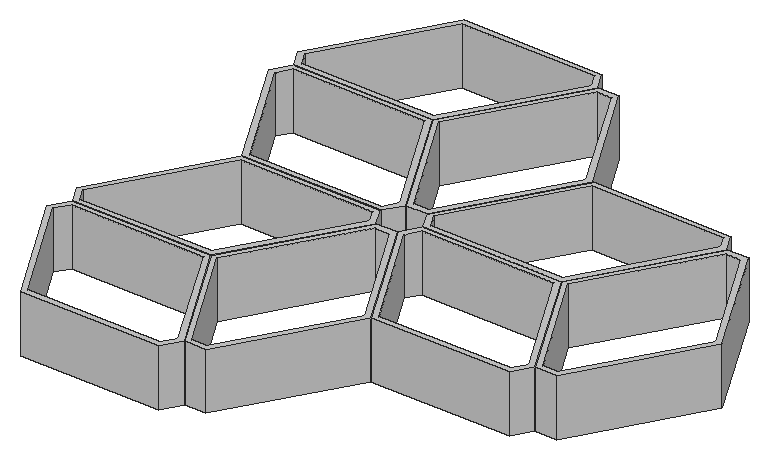
Revit family "CLD-CON-008_RTV", category Modelos genéricos, Revit 2022 (continued)
Forms (in)
  Extrusion 237, solid, not visible
    sketch origin (-0.00149, 0.00149, -1.20924) x (0, 1, 0) y (0, 0, -1)
      loop
        line (0.96881, 1.14538) -> (0.96881, -1.85462) -> (0.65631, -1.85462) -> (0.65631, -2.35462) -> (0.96881, -2.35462) -> (3.48948, -2.35462) -> (3.48948, -0.60462) -> (4.19814, -0.60462) -> (4.19814, -2.35462) -> (9.23948, -2.35462) -> (9.23948, -0.60462) -> (9.94814, -0.60462) -> (9.94814, -2.35462) -> (14.98948, -2.35462) -> (14.98948, -0.60462) -> (15.69814, -0.60462) -> (15.69814, -2.35462) -> (20.73948, -2.35462) -> (20.73948, -0.60462) -> (21.44814, -0.60462) -> (21.44814, -2.35462) -> (24.28131, -2.35462) -> (24.28131, -1.85462) -> (23.96881, -1.85462) -> (23.96881, 1.14538) -> (0.96881, 1.14538)
    from -4.19963 to -4.08152
  Extrusion 238, solid, not visible
    sketch origin (0, 0, 0) x (1, 0, 0) y (0, 0, 1)
      loop
        line (0.96881, 0.64538) -> (0.96881, -2.35462) -> (3.48948, -2.35462) -> (3.48948, -0.60462) -> (4.19814, -0.60462) -> (4.19814, -2.35462) -> (9.23948, -2.35462) -> (9.23948, -0.60462) -> (9.94814, -0.60462) -> (9.94814, -2.35462) -> (14.98948, -2.35462) -> (14.98948, -0.60462) -> (15.69814, -0.60462) -> (15.69814, -2.35462) -> (20.73948, -2.35462) -> (20.73948, -0.60462) -> (21.44814, -0.60462) -> (21.44814, -2.35462) -> (23.96881, -2.35462) -> (23.96881, 0.64538) -> (24.28131, 0.64538) -> (24.28131, 1.14538) -> (0.65631, 1.14538) -> (0.65631, 0.64538) -> (0.96881, 0.64538)
    from -3.60908 to -3.49097
  Extrusion 239, solid, not visible
    sketch origin (0, 0, 0) x (1, 0, 0) y (0, 0, 1)
      loop
        line (0.96881, 0.64538) -> (0.96881, -2.35462) -> (3.48948, -2.35462) -> (3.48948, -0.60462) -> (4.19814, -0.60462) -> (4.19814, -2.35462) -> (9.23948, -2.35462) -> (9.23948, -0.60462) -> (9.94814, -0.60462) -> (9.94814, -2.35462) -> (14.98948, -2.35462) -> (14.98948, -0.60462) -> (15.69814, -0.60462) -> (15.69814, -2.35462) -> (20.73948, -2.35462) -> (20.73948, -0.60462) -> (21.44814, -0.60462) -> (21.44814, -2.35462) -> (23.96881, -2.35462) -> (23.96881, 0.64538) -> (24.28131, 0.64538) -> (24.28131, 1.14538) -> (0.65631, 1.14538) -> (0.65631, 0.64538) -> (0.96881, 0.64538)
    from -4.08152 to -3.60908
  Extrusion 240, solid, not visible
    sketch origin (0, 0, 0) x (1, 0, 0) y (0, 0, 1)
      loop
        line (0.96881, 0.64538) -> (0.96881, -2.35462) -> (3.48948, -2.35462) -> (3.48948, -0.60462) -> (4.19814, -0.60462) -> (4.19814, -2.35462) -> (9.23948, -2.35462) -> (9.23948, -0.60462) -> (9.94814, -0.60462) -> (9.94814, -2.35462) -> (14.98948, -2.35462) -> (14.98948, -0.60462) -> (15.69814, -0.60462) -> (15.69814, -2.35462) -> (20.73948, -2.35462) -> (20.73948, -0.60462) -> (21.44814, -0.60462) -> (21.44814, -2.35462) -> (23.96881, -2.35462) -> (23.96881, 0.64538) -> (24.28131, 0.64538) -> (24.28131, 1.14538) -> (0.65631, 1.14538) -> (0.65631, 0.64538) -> (0.96881, 0.64538)
    from -4.19963 to -4.08152
  Extrusion 241, solid, not visible
    sketch origin (0, 0, 0) x (1, 0, 0) y (0, 0, 1)
      loop
        line (0.96881, 0.64538) -> (0.96881, -2.35462) -> (3.48948, -2.35462) -> (3.48948, -0.60462) -> (4.19814, -0.60462) -> (4.19814, -2.35462) -> (9.23948, -2.35462) -> (9.23948, -0.60462) -> (9.94814, -0.60462) -> (9.94814, -2.35462) -> (14.98948, -2.35462) -> (14.98948, -0.60462) -> (15.69814, -0.60462) -> (15.69814, -2.35462) -> (20.73948, -2.35462) -> (20.73948, -0.60462) -> (21.44814, -0.60462) -> (21.44814, -2.35462) -> (23.96881, -2.35462) -> (23.96881, 0.64538) -> (24.28131, 0.64538) -> (24.28131, 1.14538) -> (0.65631, 1.14538) -> (0.65631, 0.64538) -> (0.96881, 0.64538)
    from -9.94963 to -9.83152
  Extrusion 242, solid, not visible
    sketch origin (0, 0, 0) x (1, 0, 0) y (0, 0, 1)
      loop
        line (0.96881, 0.64538) -> (0.96881, -2.35462) -> (3.48948, -2.35462) -> (3.48948, -0.60462) -> (4.19814, -0.60462) -> (4.19814, -2.35462) -> (9.23948, -2.35462) -> (9.23948, -0.60462) -> (9.94814, -0.60462) -> (9.94814, -2.35462) -> (14.98948, -2.35462) -> (14.98948, -0.60462) -> (15.69814, -0.60462) -> (15.69814, -2.35462) -> (20.73948, -2.35462) -> (20.73948, -0.60462) -> (21.44814, -0.60462) -> (21.44814, -2.35462) -> (23.96881, -2.35462) -> (23.96881, 0.64538) -> (24.28131, 0.64538) -> (24.28131, 1.14538) -> (0.65631, 1.14538) -> (0.65631, 0.64538) -> (0.96881, 0.64538)
    from -9.35908 to -9.24097
  Extrusion 243, solid, not visible
    sketch origin (0, 0, 0) x (1, 0, 0) y (0, 0, 1)
      loop
        line (0.96881, 0.64538) -> (0.96881, -2.35462) -> (3.48948, -2.35462) -> (3.48948, -0.60462) -> (4.19814, -0.60462) -> (4.19814, -2.35462) -> (9.23948, -2.35462) -> (9.23948, -0.60462) -> (9.94814, -0.60462) -> (9.94814, -2.35462) -> (14.98948, -2.35462) -> (14.98948, -0.60462) -> (15.69814, -0.60462) -> (15.69814, -2.35462) -> (20.73948, -2.35462) -> (20.73948, -0.60462) -> (21.44814, -0.60462) -> (21.44814, -2.35462) -> (23.96881, -2.35462) -> (23.96881, 0.64538) -> (24.28131, 0.64538) -> (24.28131, 1.14538) -> (0.65631, 1.14538) -> (0.65631, 0.64538) -> (0.96881, 0.64538)
    from -9.83152 to -9.35908
  Extrusion 244, solid, not visible
    sketch origin (0, 0, 0) x (1, 0, 0) y (0, 0, 1)
      loop
        line (0.96881, 0.64538) -> (0.96881, -2.35462) -> (3.48948, -2.35462) -> (3.48948, -0.60462) -> (4.19814, -0.60462) -> (4.19814, -2.35462) -> (9.23948, -2.35462) -> (9.23948, -0.60462) -> (9.94814, -0.60462) -> (9.94814, -2.35462) -> (14.98948, -2.35462) -> (14.98948, -0.60462) -> (15.69814, -0.60462) -> (15.69814, -2.35462) -> (20.73948, -2.35462) -> (20.73948, -0.60462) -> (21.44814, -0.60462) -> (21.44814, -2.35462) -> (23.96881, -2.35462) -> (23.96881, 0.64538) -> (24.28131, 0.64538) -> (24.28131, 1.14538) -> (0.65631, 1.14538) -> (0.65631, 0.64538) -> (0.96881, 0.64538)
    from -15.69963 to -15.58152
  Extrusion 245, solid, not visible
    sketch origin (0, 0, 0) x (1, 0, 0) y (0, 0, 1)
      loop
        line (0.96881, 0.64538) -> (0.96881, -2.35462) -> (3.48948, -2.35462) -> (3.48948, -0.60462) -> (4.19814, -0.60462) -> (4.19814, -2.35462) -> (9.23948, -2.35462) -> (9.23948, -0.60462) -> (9.94814, -0.60462) -> (9.94814, -2.35462) -> (14.98948, -2.35462) -> (14.98948, -0.60462) -> (15.69814, -0.60462) -> (15.69814, -2.35462) -> (20.73948, -2.35462) -> (20.73948, -0.60462) -> (21.44814, -0.60462) -> (21.44814, -2.35462) -> (23.96881, -2.35462) -> (23.96881, 0.64538) -> (24.28131, 0.64538) -> (24.28131, 1.14538) -> (0.65631, 1.14538) -> (0.65631, 0.64538) -> (0.96881, 0.64538)
    from -15.10908 to -14.99097
  Extrusion 246, solid, not visible
    sketch origin (0, 0, 0) x (1, 0, 0) y (0, 0, 1)
      loop
        line (0.96881, 0.64538) -> (0.96881, -2.35462) -> (3.48948, -2.35462) -> (3.48948, -0.60462) -> (4.19814, -0.60462) -> (4.19814, -2.35462) -> (9.23948, -2.35462) -> (9.23948, -0.60462) -> (9.94814, -0.60462) -> (9.94814, -2.35462) -> (14.98948, -2.35462) -> (14.98948, -0.60462) -> (15.69814, -0.60462) -> (15.69814, -2.35462) -> (20.73948, -2.35462) -> (20.73948, -0.60462) -> (21.44814, -0.60462) -> (21.44814, -2.35462) -> (23.96881, -2.35462) -> (23.96881, 0.64538) -> (24.28131, 0.64538) -> (24.28131, 1.14538) -> (0.65631, 1.14538) -> (0.65631, 0.64538) -> (0.96881, 0.64538)
    from -15.58152 to -15.10908
  Extrusion 247, solid, not visible
    sketch origin (0, 0, 0) x (1, 0, 0) y (0, 0, 1)
      loop
        line (0.96881, 0.64538) -> (0.96881, -2.35462) -> (3.48948, -2.35462) -> (3.48948, -0.60462) -> (4.19814, -0.60462) -> (4.19814, -2.35462) -> (9.23948, -2.35462) -> (9.23948, -0.60462) -> (9.94814, -0.60462) -> (9.94814, -2.35462) -> (14.98948, -2.35462) -> (14.98948, -0.60462) -> (15.69814, -0.60462) -> (15.69814, -2.35462) -> (20.73948, -2.35462) -> (20.73948, -0.60462) -> (21.44814, -0.60462) -> (21.44814, -2.35462) -> (23.96881, -2.35462) -> (23.96881, 0.64538) -> (24.28131, 0.64538) -> (24.28131, 1.14538) -> (0.65631, 1.14538) -> (0.65631, 0.64538) -> (0.96881, 0.64538)
    from -21.44963 to -21.33152
  Extrusion 248, solid, not visible
    sketch origin (0, 0, 0) x (1, 0, 0) y (0, 0, 1)
      loop
        line (0.96881, 0.64538) -> (0.96881, -2.35462) -> (3.48948, -2.35462) -> (3.48948, -0.60462) -> (4.19814, -0.60462) -> (4.19814, -2.35462) -> (9.23948, -2.35462) -> (9.23948, -0.60462) -> (9.94814, -0.60462) -> (9.94814, -2.35462) -> (14.98948, -2.35462) -> (14.98948, -0.60462) -> (15.69814, -0.60462) -> (15.69814, -2.35462) -> (20.73948, -2.35462) -> (20.73948, -0.60462) -> (21.44814, -0.60462) -> (21.44814, -2.35462) -> (23.96881, -2.35462) -> (23.96881, 0.64538) -> (24.28131, 0.64538) -> (24.28131, 1.14538) -> (0.65631, 1.14538) -> (0.65631, 0.64538) -> (0.96881, 0.64538)
    from -20.85908 to -20.74097
  Extrusion 249, solid, not visible
    sketch origin (0, 0, 0) x (1, 0, 0) y (0, 0, 1)
      loop
        line (0.96881, 0.64538) -> (0.96881, -2.35462) -> (3.48948, -2.35462) -> (3.48948, -0.60462) -> (4.19814, -0.60462) -> (4.19814, -2.35462) -> (9.23948, -2.35462) -> (9.23948, -0.60462) -> (9.94814, -0.60462) -> (9.94814, -2.35462) -> (14.98948, -2.35462) -> (14.98948, -0.60462) -> (15.69814, -0.60462) -> (15.69814, -2.35462) -> (20.73948, -2.35462) -> (20.73948, -0.60462) -> (21.44814, -0.60462) -> (21.44814, -2.35462) -> (23.96881, -2.35462) -> (23.96881, 0.64538) -> (24.28131, 0.64538) -> (24.28131, 1.14538) -> (0.65631, 1.14538) -> (0.65631, 0.64538) -> (0.96881, 0.64538)
    from -21.33152 to -20.85908
  Extrusion 250, solid, not visible
    sketch origin (-0.00149, 0.00149, -1.20924) x (0, 1, 0) y (0, 0, -1)
      loop
        line (0.96881, 1.14538) -> (0.96881, -1.85462) -> (0.65631, -1.85462) -> (0.65631, -2.35462) -> (0.96881, -2.35462) -> (3.48948, -2.35462) -> (3.48948, -0.60462) -> (4.19814, -0.60462) -> (4.19814, -2.35462) -> (9.23948, -2.35462) -> (9.23948, -0.60462) -> (9.94814, -0.60462) -> (9.94814, -2.35462) -> (14.98948, -2.35462) -> (14.98948, -0.60462) -> (15.69814, -0.60462) -> (15.69814, -2.35462) -> (20.73948, -2.35462) -> (20.73948, -0.60462) -> (21.44814, -0.60462) -> (21.44814, -2.35462) -> (24.28131, -2.35462) -> (24.28131, -1.85462) -> (23.96881, -1.85462) -> (23.96881, 1.14538) -> (0.96881, 1.14538)
    from -3.60908 to -3.49097
  Extrusion 251, solid, not visible
    sketch origin (0.11662, 0.00149, -1.20924) x (0, 1, 0) y (0, 0, -1)
      loop
        line (0.96881, 1.14538) -> (0.96881, -1.85462) -> (0.65631, -1.85462) -> (0.65631, -2.35462) -> (0.96881, -2.35462) -> (3.48948, -2.35462) -> (3.48948, -0.60462) -> (4.19814, -0.60462) -> (4.19814, -2.35462) -> (9.23948, -2.35462) -> (9.23948, -0.60462) -> (9.94814, -0.60462) -> (9.94814, -2.35462) -> (14.98948, -2.35462) -> (14.98948, -0.60462) -> (15.69814, -0.60462) -> (15.69814, -2.35462) -> (20.73948, -2.35462) -> (20.73948, -0.60462) -> (21.44814, -0.60462) -> (21.44814, -2.35462) -> (24.28131, -2.35462) -> (24.28131, -1.85462) -> (23.96881, -1.85462) -> (23.96881, 1.14538) -> (0.96881, 1.14538)
    from -3.96341 to -3.49097
  Extrusion 252, solid, not visible
    sketch origin (-0.00149, 0.00149, -1.20924) x (0, 1, 0) y (0, 0, -1)
      loop
        line (0.96881, 1.14538) -> (0.96881, -1.85462) -> (0.65631, -1.85462) -> (0.65631, -2.35462) -> (0.96881, -2.35462) -> (3.48948, -2.35462) -> (3.48948, -0.60462) -> (4.19814, -0.60462) -> (4.19814, -2.35462) -> (9.23948, -2.35462) -> (9.23948, -0.60462) -> (9.94814, -0.60462) -> (9.94814, -2.35462) -> (14.98948, -2.35462) -> (14.98948, -0.60462) -> (15.69814, -0.60462) -> (15.69814, -2.35462) -> (20.73948, -2.35462) -> (20.73948, -0.60462) -> (21.44814, -0.60462) -> (21.44814, -2.35462) -> (24.28131, -2.35462) -> (24.28131, -1.85462) -> (23.96881, -1.85462) -> (23.96881, 1.14538) -> (0.96881, 1.14538)
    from -4.19963 to -4.08152
  Extrusion 253, solid, not visible
    sketch origin (5.74851, 0.00149, -1.20924) x (0, 1, 0) y (0, 0, -1)
      loop
        line (0.96881, 1.14538) -> (0.96881, -1.85462) -> (0.65631, -1.85462) -> (0.65631, -2.35462) -> (0.96881, -2.35462) -> (3.48948, -2.35462) -> (3.48948, -0.60462) -> (4.19814, -0.60462) -> (4.19814, -2.35462) -> (9.23948, -2.35462) -> (9.23948, -0.60462) -> (9.94814, -0.60462) -> (9.94814, -2.35462) -> (14.98948, -2.35462) -> (14.98948, -0.60462) -> (15.69814, -0.60462) -> (15.69814, -2.35462) -> (20.73948, -2.35462) -> (20.73948, -0.60462) -> (21.44814, -0.60462) -> (21.44814, -2.35462) -> (24.28131, -2.35462) -> (24.28131, -1.85462) -> (23.96881, -1.85462) -> (23.96881, 1.14538) -> (0.96881, 1.14538)
    from -4.19963 to -4.08152
  Extrusion 254, solid, not visible
    sketch origin (5.15796, 0.00149, -1.20924) x (0, 1, 0) y (0, 0, -1)
      loop
        line (0.96881, 1.14538) -> (0.96881, -1.85462) -> (0.65631, -1.85462) -> (0.65631, -2.35462) -> (0.96881, -2.35462) -> (3.48948, -2.35462) -> (3.48948, -0.60462) -> (4.19814, -0.60462) -> (4.19814, -2.35462) -> (9.23948, -2.35462) -> (9.23948, -0.60462) -> (9.94814, -0.60462) -> (9.94814, -2.35462) -> (14.98948, -2.35462) -> (14.98948, -0.60462) -> (15.69814, -0.60462) -> (15.69814, -2.35462) -> (20.73948, -2.35462) -> (20.73948, -0.60462) -> (21.44814, -0.60462) -> (21.44814, -2.35462) -> (24.28131, -2.35462) -> (24.28131, -1.85462) -> (23.96881, -1.85462) -> (23.96881, 1.14538) -> (0.96881, 1.14538)
    from -4.19963 to -4.08152
  Extrusion 255, solid, not visible
    sketch origin (11.49851, 0.00149, -1.20924) x (0, 1, 0) y (0, 0, -1)
      loop
        line (0.96881, 1.14538) -> (0.96881, -1.85462) -> (0.65631, -1.85462) -> (0.65631, -2.35462) -> (0.96881, -2.35462) -> (3.48948, -2.35462) -> (3.48948, -0.60462) -> (4.19814, -0.60462) -> (4.19814, -2.35462) -> (9.23948, -2.35462) -> (9.23948, -0.60462) -> (9.94814, -0.60462) -> (9.94814, -2.35462) -> (14.98948, -2.35462) -> (14.98948, -0.60462) -> (15.69814, -0.60462) -> (15.69814, -2.35462) -> (20.73948, -2.35462) -> (20.73948, -0.60462) -> (21.44814, -0.60462) -> (21.44814, -2.35462) -> (24.28131, -2.35462) -> (24.28131, -1.85462) -> (23.96881, -1.85462) -> (23.96881, 1.14538) -> (0.96881, 1.14538)
    from -4.19963 to -4.08152
  Extrusion 256, solid, not visible
    sketch origin (10.90796, 0.00149, -1.20924) x (0, 1, 0) y (0, 0, -1)
      loop
        line (0.96881, 1.14538) -> (0.96881, -1.85462) -> (0.65631, -1.85462) -> (0.65631, -2.35462) -> (0.96881, -2.35462) -> (3.48948, -2.35462) -> (3.48948, -0.60462) -> (4.19814, -0.60462) -> (4.19814, -2.35462) -> (9.23948, -2.35462) -> (9.23948, -0.60462) -> (9.94814, -0.60462) -> (9.94814, -2.35462) -> (14.98948, -2.35462) -> (14.98948, -0.60462) -> (15.69814, -0.60462) -> (15.69814, -2.35462) -> (20.73948, -2.35462) -> (20.73948, -0.60462) -> (21.44814, -0.60462) -> (21.44814, -2.35462) -> (24.28131, -2.35462) -> (24.28131, -1.85462) -> (23.96881, -1.85462) -> (23.96881, 1.14538) -> (0.96881, 1.14538)
    from -4.19963 to -4.08152
  Extrusion 257, solid, not visible
    sketch origin (16.65796, 0.00149, -1.20924) x (0, 1, 0) y (0, 0, -1)
      loop
        line (0.96881, 1.14538) -> (0.96881, -1.85462) -> (0.65631, -1.85462) -> (0.65631, -2.35462) -> (0.96881, -2.35462) -> (3.48948, -2.35462) -> (3.48948, -0.60462) -> (4.19814, -0.60462) -> (4.19814, -2.35462) -> (9.23948, -2.35462) -> (9.23948, -0.60462) -> (9.94814, -0.60462) -> (9.94814, -2.35462) -> (14.98948, -2.35462) -> (14.98948, -0.60462) -> (15.69814, -0.60462) -> (15.69814, -2.35462) -> (20.73948, -2.35462) -> (20.73948, -0.60462) -> (21.44814, -0.60462) -> (21.44814, -2.35462) -> (24.28131, -2.35462) -> (24.28131, -1.85462) -> (23.96881, -1.85462) -> (23.96881, 1.14538) -> (0.96881, 1.14538)
    from -4.19963 to -4.08152
  Extrusion 258, solid, not visible
    sketch origin (17.24851, 0.00149, -1.20924) x (0, 1, 0) y (0, 0, -1)
      loop
        line (0.96881, 1.14538) -> (0.96881, -1.85462) -> (0.65631, -1.85462) -> (0.65631, -2.35462) -> (0.96881, -2.35462) -> (3.48948, -2.35462) -> (3.48948, -0.60462) -> (4.19814, -0.60462) -> (4.19814, -2.35462) -> (9.23948, -2.35462) -> (9.23948, -0.60462) -> (9.94814, -0.60462) -> (9.94814, -2.35462) -> (14.98948, -2.35462) -> (14.98948, -0.60462) -> (15.69814, -0.60462) -> (15.69814, -2.35462) -> (20.73948, -2.35462) -> (20.73948, -0.60462) -> (21.44814, -0.60462) -> (21.44814, -2.35462) -> (24.28131, -2.35462) -> (24.28131, -1.85462) -> (23.96881, -1.85462) -> (23.96881, 1.14538) -> (0.96881, 1.14538)
    from -4.19963 to -4.08152
  Extrusion 259, solid, not visible
    sketch origin (5.86662, 0.00149, -1.20924) x (0, 1, 0) y (0, 0, -1)
      loop
        line (0.96881, 1.14538) -> (0.96881, -1.85462) -> (0.65631, -1.85462) -> (0.65631, -2.35462) -> (0.96881, -2.35462) -> (3.48948, -2.35462) -> (3.48948, -0.60462) -> (4.19814, -0.60462) -> (4.19814, -2.35462) -> (9.23948, -2.35462) -> (9.23948, -0.60462) -> (9.94814, -0.60462) -> (9.94814, -2.35462) -> (14.98948, -2.35462) -> (14.98948, -0.60462) -> (15.69814, -0.60462) -> (15.69814, -2.35462) -> (20.73948, -2.35462) -> (20.73948, -0.60462) -> (21.44814, -0.60462) -> (21.44814, -2.35462) -> (24.28131, -2.35462) -> (24.28131, -1.85462) -> (23.96881, -1.85462) -> (23.96881, 1.14538) -> (0.96881, 1.14538)
    from -3.96341 to -3.49097
  Extrusion 260, solid, not visible
    sketch origin (11.61662, 0.00149, -1.20924) x (0, 1, 0) y (0, 0, -1)
      loop
        line (0.96881, 1.14538) -> (0.96881, -1.85462) -> (0.65631, -1.85462) -> (0.65631, -2.35462) -> (0.96881, -2.35462) -> (3.48948, -2.35462) -> (3.48948, -0.60462) -> (4.19814, -0.60462) -> (4.19814, -2.35462) -> (9.23948, -2.35462) -> (9.23948, -0.60462) -> (9.94814, -0.60462) -> (9.94814, -2.35462) -> (14.98948, -2.35462) -> (14.98948, -0.60462) -> (15.69814, -0.60462) -> (15.69814, -2.35462) -> (20.73948, -2.35462) -> (20.73948, -0.60462) -> (21.44814, -0.60462) -> (21.44814, -2.35462) -> (24.28131, -2.35462) -> (24.28131, -1.85462) -> (23.96881, -1.85462) -> (23.96881, 1.14538) -> (0.96881, 1.14538)
    from -3.96341 to -3.49097
  Extrusion 261, solid, not visible
    sketch origin (17.36662, 0.00149, -1.20924) x (0, 1, 0) y (0, 0, -1)
      loop
        line (0.96881, 1.14538) -> (0.96881, -1.85462) -> (0.65631, -1.85462) -> (0.65631, -2.35462) -> (0.96881, -2.35462) -> (3.48948, -2.35462) -> (3.48948, -0.60462) -> (4.19814, -0.60462) -> (4.19814, -2.35462) -> (9.23948, -2.35462) -> (9.23948, -0.60462) -> (9.94814, -0.60462) -> (9.94814, -2.35462) -> (14.98948, -2.35462) -> (14.98948, -0.60462) -> (15.69814, -0.60462) -> (15.69814, -2.35462) -> (20.73948, -2.35462) -> (20.73948, -0.60462) -> (21.44814, -0.60462) -> (21.44814, -2.35462) -> (24.28131, -2.35462) -> (24.28131, -1.85462) -> (23.96881, -1.85462) -> (23.96881, 1.14538) -> (0.96881, 1.14538)
    from -3.96341 to -3.49097
  Extrusion 262, solid, not visible
    sketch origin (0, 0, 0) x (1, 0, 0) y (0, 0, 1)
      loop
        line (0.96881, 0.64538) -> (0.96881, -2.35462) -> (3.48948, -2.35462) -> (3.48948, -0.60462) -> (4.19814, -0.60462) -> (4.19814, -2.35462) -> (9.23948, -2.35462) -> (9.23948, -0.60462) -> (9.94814, -0.60462) -> (9.94814, -2.35462) -> (14.98948, -2.35462) -> (14.98948, -0.60462) -> (15.69814, -0.60462) -> (15.69814, -2.35462) -> (20.73948, -2.35462) -> (20.73948, -0.60462) -> (21.44814, -0.60462) -> (21.44814, -2.35462) -> (23.96881, -2.35462) -> (23.96881, 0.64538) -> (24.28131, 0.64538) -> (24.28131, 1.14538) -> (0.65631, 1.14538) -> (0.65631, 0.64538) -> (0.96881, 0.64538)
    from -3.60908 to -3.49097
  Extrusion 263, solid, not visible
    sketch origin (0, 0, 0) x (1, 0, 0) y (0, 0, 1)
      loop
        line (0.96881, 0.64538) -> (0.96881, -2.35462) -> (3.48948, -2.35462) -> (3.48948, -0.60462) -> (4.19814, -0.60462) -> (4.19814, -2.35462) -> (9.23948, -2.35462) -> (9.23948, -0.60462) -> (9.94814, -0.60462) -> (9.94814, -2.35462) -> (14.98948, -2.35462) -> (14.98948, -0.60462) -> (15.69814, -0.60462) -> (15.69814, -2.35462) -> (20.73948, -2.35462) -> (20.73948, -0.60462) -> (21.44814, -0.60462) -> (21.44814, -2.35462) -> (23.96881, -2.35462) -> (23.96881, 0.64538) -> (24.28131, 0.64538) -> (24.28131, 1.14538) -> (0.65631, 1.14538) -> (0.65631, 0.64538) -> (0.96881, 0.64538)
    from -4.08152 to -3.60908
  Extrusion 264, solid, not visible
    sketch origin (0, 0, 0) x (1, 0, 0) y (0, 0, 1)
      loop
        line (0.96881, 0.64538) -> (0.96881, -2.35462) -> (3.48948, -2.35462) -> (3.48948, -0.60462) -> (4.19814, -0.60462) -> (4.19814, -2.35462) -> (9.23948, -2.35462) -> (9.23948, -0.60462) -> (9.94814, -0.60462) -> (9.94814, -2.35462) -> (14.98948, -2.35462) -> (14.98948, -0.60462) -> (15.69814, -0.60462) -> (15.69814, -2.35462) -> (20.73948, -2.35462) -> (20.73948, -0.60462) -> (21.44814, -0.60462) -> (21.44814, -2.35462) -> (23.96881, -2.35462) -> (23.96881, 0.64538) -> (24.28131, 0.64538) -> (24.28131, 1.14538) -> (0.65631, 1.14538) -> (0.65631, 0.64538) -> (0.96881, 0.64538)
    from -4.19963 to -4.08152
  Extrusion 265, solid, not visible
    sketch origin (-0.00149, 0.00149, -1.20924) x (0, 1, 0) y (0, 0, -1)
      loop
        line (0.96881, 1.14538) -> (0.96881, -1.85462) -> (0.65631, -1.85462) -> (0.65631, -2.35462) -> (0.96881, -2.35462) -> (3.48948, -2.35462) -> (3.48948, -0.60462) -> (4.19814, -0.60462) -> (4.19814, -2.35462) -> (9.23948, -2.35462) -> (9.23948, -0.60462) -> (9.94814, -0.60462) -> (9.94814, -2.35462) -> (14.98948, -2.35462) -> (14.98948, -0.60462) -> (15.69814, -0.60462) -> (15.69814, -2.35462) -> (20.73948, -2.35462) -> (20.73948, -0.60462) -> (21.44814, -0.60462) -> (21.44814, -2.35462) -> (24.28131, -2.35462) -> (24.28131, -1.85462) -> (23.96881, -1.85462) -> (23.96881, 1.14538) -> (0.96881, 1.14538)
    from -3.60908 to -3.49097
  Extrusion 266, solid, not visible
    sketch origin (0.11662, 0.00149, -1.20924) x (0, 1, 0) y (0, 0, -1)
      loop
        line (0.96881, 1.14538) -> (0.96881, -1.85462) -> (0.65631, -1.85462) -> (0.65631, -2.35462) -> (0.96881, -2.35462) -> (3.48948, -2.35462) -> (3.48948, -0.60462) -> (4.19814, -0.60462) -> (4.19814, -2.35462) -> (9.23948, -2.35462) -> (9.23948, -0.60462) -> (9.94814, -0.60462) -> (9.94814, -2.35462) -> (14.98948, -2.35462) -> (14.98948, -0.60462) -> (15.69814, -0.60462) -> (15.69814, -2.35462) -> (20.73948, -2.35462) -> (20.73948, -0.60462) -> (21.44814, -0.60462) -> (21.44814, -2.35462) -> (24.28131, -2.35462) -> (24.28131, -1.85462) -> (23.96881, -1.85462) -> (23.96881, 1.14538) -> (0.96881, 1.14538)
    from -3.96341 to -3.49097
  Extrusion 267, solid, not visible
    sketch origin (-0.00149, 0.00149, -1.20924) x (0, 1, 0) y (0, 0, -1)
      loop
        line (0.96881, 1.14538) -> (0.96881, -1.85462) -> (0.65631, -1.85462) -> (0.65631, -2.35462) -> (0.96881, -2.35462) -> (3.48948, -2.35462) -> (3.48948, -0.60462) -> (4.19814, -0.60462) -> (4.19814, -2.35462) -> (9.23948, -2.35462) -> (9.23948, -0.60462) -> (9.94814, -0.60462) -> (9.94814, -2.35462) -> (14.98948, -2.35462) -> (14.98948, -0.60462) -> (15.69814, -0.60462) -> (15.69814, -2.35462) -> (20.73948, -2.35462) -> (20.73948, -0.60462) -> (21.44814, -0.60462) -> (21.44814, -2.35462) -> (24.28131, -2.35462) -> (24.28131, -1.85462) -> (23.96881, -1.85462) -> (23.96881, 1.14538) -> (0.96881, 1.14538)
    from -4.19963 to -4.08152
  Extrusion 268, solid, not visible
    sketch origin (0, 0, 0) x (1, 0, 0) y (0, 0, 1)
      loop
        line (0.96881, 0.64538) -> (0.96881, -2.35462) -> (3.48948, -2.35462) -> (3.48948, -0.60462) -> (4.19814, -0.60462) -> (4.19814, -2.35462) -> (9.23948, -2.35462) -> (9.23948, -0.60462) -> (9.94814, -0.60462) -> (9.94814, -2.35462) -> (14.98948, -2.35462) -> (14.98948, -0.60462) -> (15.69814, -0.60462) -> (15.69814, -2.35462) -> (20.73948, -2.35462) -> (20.73948, -0.60462) -> (21.44814, -0.60462) -> (21.44814, -2.35462) -> (23.96881, -2.35462) -> (23.96881, 0.64538) -> (24.28131, 0.64538) -> (24.28131, 1.14538) -> (0.65631, 1.14538) -> (0.65631, 0.64538) -> (0.96881, 0.64538)
    from -9.94963 to -9.83152
  Extrusion 269, solid, not visible
    sketch origin (0, 0, 0) x (1, 0, 0) y (0, 0, 1)
      loop
        line (0.96881, 0.64538) -> (0.96881, -2.35462) -> (3.48948, -2.35462) -> (3.48948, -0.60462) -> (4.19814, -0.60462) -> (4.19814, -2.35462) -> (9.23948, -2.35462) -> (9.23948, -0.60462) -> (9.94814, -0.60462) -> (9.94814, -2.35462) -> (14.98948, -2.35462) -> (14.98948, -0.60462) -> (15.69814, -0.60462) -> (15.69814, -2.35462) -> (20.73948, -2.35462) -> (20.73948, -0.60462) -> (21.44814, -0.60462) -> (21.44814, -2.35462) -> (23.96881, -2.35462) -> (23.96881, 0.64538) -> (24.28131, 0.64538) -> (24.28131, 1.14538) -> (0.65631, 1.14538) -> (0.65631, 0.64538) -> (0.96881, 0.64538)
    from -9.35908 to -9.24097
  Extrusion 270, solid, not visible
    sketch origin (0, 0, 0) x (1, 0, 0) y (0, 0, 1)
      loop
        line (0.96881, 0.64538) -> (0.96881, -2.35462) -> (3.48948, -2.35462) -> (3.48948, -0.60462) -> (4.19814, -0.60462) -> (4.19814, -2.35462) -> (9.23948, -2.35462) -> (9.23948, -0.60462) -> (9.94814, -0.60462) -> (9.94814, -2.35462) -> (14.98948, -2.35462) -> (14.98948, -0.60462) -> (15.69814, -0.60462) -> (15.69814, -2.35462) -> (20.73948, -2.35462) -> (20.73948, -0.60462) -> (21.44814, -0.60462) -> (21.44814, -2.35462) -> (23.96881, -2.35462) -> (23.96881, 0.64538) -> (24.28131, 0.64538) -> (24.28131, 1.14538) -> (0.65631, 1.14538) -> (0.65631, 0.64538) -> (0.96881, 0.64538)
    from -9.83152 to -9.35908
  Extrusion 271, solid, not visible
    sketch origin (0, 0, 0) x (1, 0, 0) y (0, 0, 1)
      loop
        line (0.96881, 0.64538) -> (0.96881, -2.35462) -> (3.48948, -2.35462) -> (3.48948, -0.60462) -> (4.19814, -0.60462) -> (4.19814, -2.35462) -> (9.23948, -2.35462) -> (9.23948, -0.60462) -> (9.94814, -0.60462) -> (9.94814, -2.35462) -> (14.98948, -2.35462) -> (14.98948, -0.60462) -> (15.69814, -0.60462) -> (15.69814, -2.35462) -> (20.73948, -2.35462) -> (20.73948, -0.60462) -> (21.44814, -0.60462) -> (21.44814, -2.35462) -> (23.96881, -2.35462) -> (23.96881, 0.64538) -> (24.28131, 0.64538) -> (24.28131, 1.14538) -> (0.65631, 1.14538) -> (0.65631, 0.64538) -> (0.96881, 0.64538)
    from -15.69963 to -15.58152
  Extrusion 272, solid, not visible
    sketch origin (0, 0, 0) x (1, 0, 0) y (0, 0, 1)
      loop
        line (0.96881, 0.64538) -> (0.96881, -2.35462) -> (3.48948, -2.35462) -> (3.48948, -0.60462) -> (4.19814, -0.60462) -> (4.19814, -2.35462) -> (9.23948, -2.35462) -> (9.23948, -0.60462) -> (9.94814, -0.60462) -> (9.94814, -2.35462) -> (14.98948, -2.35462) -> (14.98948, -0.60462) -> (15.69814, -0.60462) -> (15.69814, -2.35462) -> (20.73948, -2.35462) -> (20.73948, -0.60462) -> (21.44814, -0.60462) -> (21.44814, -2.35462) -> (23.96881, -2.35462) -> (23.96881, 0.64538) -> (24.28131, 0.64538) -> (24.28131, 1.14538) -> (0.65631, 1.14538) -> (0.65631, 0.64538) -> (0.96881, 0.64538)
    from -15.10908 to -14.99097
  Extrusion 273, solid, not visible
    sketch origin (0, 0, 0) x (1, 0, 0) y (0, 0, 1)
      loop
        line (0.96881, 0.64538) -> (0.96881, -2.35462) -> (3.48948, -2.35462) -> (3.48948, -0.60462) -> (4.19814, -0.60462) -> (4.19814, -2.35462) -> (9.23948, -2.35462) -> (9.23948, -0.60462) -> (9.94814, -0.60462) -> (9.94814, -2.35462) -> (14.98948, -2.35462) -> (14.98948, -0.60462) -> (15.69814, -0.60462) -> (15.69814, -2.35462) -> (20.73948, -2.35462) -> (20.73948, -0.60462) -> (21.44814, -0.60462) -> (21.44814, -2.35462) -> (23.96881, -2.35462) -> (23.96881, 0.64538) -> (24.28131, 0.64538) -> (24.28131, 1.14538) -> (0.65631, 1.14538) -> (0.65631, 0.64538) -> (0.96881, 0.64538)
    from -15.58152 to -15.10908
  Extrusion 274, solid, not visible
    sketch origin (0, 0, 0) x (1, 0, 0) y (0, 0, 1)
      loop
        line (0.96881, 0.64538) -> (0.96881, -2.35462) -> (3.48948, -2.35462) -> (3.48948, -0.60462) -> (4.19814, -0.60462) -> (4.19814, -2.35462) -> (9.23948, -2.35462) -> (9.23948, -0.60462) -> (9.94814, -0.60462) -> (9.94814, -2.35462) -> (14.98948, -2.35462) -> (14.98948, -0.60462) -> (15.69814, -0.60462) -> (15.69814, -2.35462) -> (20.73948, -2.35462) -> (20.73948, -0.60462) -> (21.44814, -0.60462) -> (21.44814, -2.35462) -> (23.96881, -2.35462) -> (23.96881, 0.64538) -> (24.28131, 0.64538) -> (24.28131, 1.14538) -> (0.65631, 1.14538) -> (0.65631, 0.64538) -> (0.96881, 0.64538)
    from -21.44963 to -21.33152
  Extrusion 275, solid, not visible
    sketch origin (0, 0, 0) x (1, 0, 0) y (0, 0, 1)
      loop
        line (0.96881, 0.64538) -> (0.96881, -2.35462) -> (3.48948, -2.35462) -> (3.48948, -0.60462) -> (4.19814, -0.60462) -> (4.19814, -2.35462) -> (9.23948, -2.35462) -> (9.23948, -0.60462) -> (9.94814, -0.60462) -> (9.94814, -2.35462) -> (14.98948, -2.35462) -> (14.98948, -0.60462) -> (15.69814, -0.60462) -> (15.69814, -2.35462) -> (20.73948, -2.35462) -> (20.73948, -0.60462) -> (21.44814, -0.60462) -> (21.44814, -2.35462) -> (23.96881, -2.35462) -> (23.96881, 0.64538) -> (24.28131, 0.64538) -> (24.28131, 1.14538) -> (0.65631, 1.14538) -> (0.65631, 0.64538) -> (0.96881, 0.64538)
    from -20.85908 to -20.74097
  Extrusion 276, solid, not visible
    sketch origin (0, 0, 0) x (1, 0, 0) y (0, 0, 1)
      loop
        line (0.96881, 0.64538) -> (0.96881, -2.35462) -> (3.48948, -2.35462) -> (3.48948, -0.60462) -> (4.19814, -0.60462) -> (4.19814, -2.35462) -> (9.23948, -2.35462) -> (9.23948, -0.60462) -> (9.94814, -0.60462) -> (9.94814, -2.35462) -> (14.98948, -2.35462) -> (14.98948, -0.60462) -> (15.69814, -0.60462) -> (15.69814, -2.35462) -> (20.73948, -2.35462) -> (20.73948, -0.60462) -> (21.44814, -0.60462) -> (21.44814, -2.35462) -> (23.96881, -2.35462) -> (23.96881, 0.64538) -> (24.28131, 0.64538) -> (24.28131, 1.14538) -> (0.65631, 1.14538) -> (0.65631, 0.64538) -> (0.96881, 0.64538)
    from -21.33152 to -20.85908
  Extrusion 277, solid, not visible
    sketch origin (5.74851, 0.00149, -1.20924) x (0, 1, 0) y (0, 0, -1)
      loop
        line (0.96881, 1.14538) -> (0.96881, -1.85462) -> (0.65631, -1.85462) -> (0.65631, -2.35462) -> (0.96881, -2.35462) -> (3.48948, -2.35462) -> (3.48948, -0.60462) -> (4.19814, -0.60462) -> (4.19814, -2.35462) -> (9.23948, -2.35462) -> (9.23948, -0.60462) -> (9.94814, -0.60462) -> (9.94814, -2.35462) -> (14.98948, -2.35462) -> (14.98948, -0.60462) -> (15.69814, -0.60462) -> (15.69814, -2.35462) -> (20.73948, -2.35462) -> (20.73948, -0.60462) -> (21.44814, -0.60462) -> (21.44814, -2.35462) -> (24.28131, -2.35462) -> (24.28131, -1.85462) -> (23.96881, -1.85462) -> (23.96881, 1.14538) -> (0.96881, 1.14538)
    from -4.19963 to -4.08152
  Extrusion 278, solid, not visible
    sketch origin (5.15796, 0.00149, -1.20924) x (0, 1, 0) y (0, 0, -1)
      loop
        line (0.96881, 1.14538) -> (0.96881, -1.85462) -> (0.65631, -1.85462) -> (0.65631, -2.35462) -> (0.96881, -2.35462) -> (3.48948, -2.35462) -> (3.48948, -0.60462) -> (4.19814, -0.60462) -> (4.19814, -2.35462) -> (9.23948, -2.35462) -> (9.23948, -0.60462) -> (9.94814, -0.60462) -> (9.94814, -2.35462) -> (14.98948, -2.35462) -> (14.98948, -0.60462) -> (15.69814, -0.60462) -> (15.69814, -2.35462) -> (20.73948, -2.35462) -> (20.73948, -0.60462) -> (21.44814, -0.60462) -> (21.44814, -2.35462) -> (24.28131, -2.35462) -> (24.28131, -1.85462) -> (23.96881, -1.85462) -> (23.96881, 1.14538) -> (0.96881, 1.14538)
    from -4.19963 to -4.08152
  Extrusion 279, solid, not visible
    sketch origin (11.49851, 0.00149, -1.20924) x (0, 1, 0) y (0, 0, -1)
      loop
        line (0.96881, 1.14538) -> (0.96881, -1.85462) -> (0.65631, -1.85462) -> (0.65631, -2.35462) -> (0.96881, -2.35462) -> (3.48948, -2.35462) -> (3.48948, -0.60462) -> (4.19814, -0.60462) -> (4.19814, -2.35462) -> (9.23948, -2.35462) -> (9.23948, -0.60462) -> (9.94814, -0.60462) -> (9.94814, -2.35462) -> (14.98948, -2.35462) -> (14.98948, -0.60462) -> (15.69814, -0.60462) -> (15.69814, -2.35462) -> (20.73948, -2.35462) -> (20.73948, -0.60462) -> (21.44814, -0.60462) -> (21.44814, -2.35462) -> (24.28131, -2.35462) -> (24.28131, -1.85462) -> (23.96881, -1.85462) -> (23.96881, 1.14538) -> (0.96881, 1.14538)
    from -4.19963 to -4.08152
  Extrusion 280, solid, not visible
    sketch origin (10.90796, 0.00149, -1.20924) x (0, 1, 0) y (0, 0, -1)
      loop
        line (0.96881, 1.14538) -> (0.96881, -1.85462) -> (0.65631, -1.85462) -> (0.65631, -2.35462) -> (0.96881, -2.35462) -> (3.48948, -2.35462) -> (3.48948, -0.60462) -> (4.19814, -0.60462) -> (4.19814, -2.35462) -> (9.23948, -2.35462) -> (9.23948, -0.60462) -> (9.94814, -0.60462) -> (9.94814, -2.35462) -> (14.98948, -2.35462) -> (14.98948, -0.60462) -> (15.69814, -0.60462) -> (15.69814, -2.35462) -> (20.73948, -2.35462) -> (20.73948, -0.60462) -> (21.44814, -0.60462) -> (21.44814, -2.35462) -> (24.28131, -2.35462) -> (24.28131, -1.85462) -> (23.96881, -1.85462) -> (23.96881, 1.14538) -> (0.96881, 1.14538)
    from -4.19963 to -4.08152
  Extrusion 281, solid, not visible
    sketch origin (16.65796, 0.00149, -1.20924) x (0, 1, 0) y (0, 0, -1)
      loop
        line (0.96881, 1.14538) -> (0.96881, -1.85462) -> (0.65631, -1.85462) -> (0.65631, -2.35462) -> (0.96881, -2.35462) -> (3.48948, -2.35462) -> (3.48948, -0.60462) -> (4.19814, -0.60462) -> (4.19814, -2.35462) -> (9.23948, -2.35462) -> (9.23948, -0.60462) -> (9.94814, -0.60462) -> (9.94814, -2.35462) -> (14.98948, -2.35462) -> (14.98948, -0.60462) -> (15.69814, -0.60462) -> (15.69814, -2.35462) -> (20.73948, -2.35462) -> (20.73948, -0.60462) -> (21.44814, -0.60462) -> (21.44814, -2.35462) -> (24.28131, -2.35462) -> (24.28131, -1.85462) -> (23.96881, -1.85462) -> (23.96881, 1.14538) -> (0.96881, 1.14538)
    from -4.19963 to -4.08152
  Extrusion 282, solid, not visible
    sketch origin (17.24851, 0.00149, -1.20924) x (0, 1, 0) y (0, 0, -1)
      loop
        line (0.96881, 1.14538) -> (0.96881, -1.85462) -> (0.65631, -1.85462) -> (0.65631, -2.35462) -> (0.96881, -2.35462) -> (3.48948, -2.35462) -> (3.48948, -0.60462) -> (4.19814, -0.60462) -> (4.19814, -2.35462) -> (9.23948, -2.35462) -> (9.23948, -0.60462) -> (9.94814, -0.60462) -> (9.94814, -2.35462) -> (14.98948, -2.35462) -> (14.98948, -0.60462) -> (15.69814, -0.60462) -> (15.69814, -2.35462) -> (20.73948, -2.35462) -> (20.73948, -0.60462) -> (21.44814, -0.60462) -> (21.44814, -2.35462) -> (24.28131, -2.35462) -> (24.28131, -1.85462) -> (23.96881, -1.85462) -> (23.96881, 1.14538) -> (0.96881, 1.14538)
    from -4.19963 to -4.08152
  Extrusion 283, solid, not visible
    sketch origin (5.86662, 0.00149, -1.20924) x (0, 1, 0) y (0, 0, -1)
      loop
        line (0.96881, 1.14538) -> (0.96881, -1.85462) -> (0.65631, -1.85462) -> (0.65631, -2.35462) -> (0.96881, -2.35462) -> (3.48948, -2.35462) -> (3.48948, -0.60462) -> (4.19814, -0.60462) -> (4.19814, -2.35462) -> (9.23948, -2.35462) -> (9.23948, -0.60462) -> (9.94814, -0.60462) -> (9.94814, -2.35462) -> (14.98948, -2.35462) -> (14.98948, -0.60462) -> (15.69814, -0.60462) -> (15.69814, -2.35462) -> (20.73948, -2.35462) -> (20.73948, -0.60462) -> (21.44814, -0.60462) -> (21.44814, -2.35462) -> (24.28131, -2.35462) -> (24.28131, -1.85462) -> (23.96881, -1.85462) -> (23.96881, 1.14538) -> (0.96881, 1.14538)
    from -3.96341 to -3.49097
  Extrusion 284, solid, not visible
    sketch origin (11.61662, 0.00149, -1.20924) x (0, 1, 0) y (0, 0, -1)
      loop
        line (0.96881, 1.14538) -> (0.96881, -1.85462) -> (0.65631, -1.85462) -> (0.65631, -2.35462) -> (0.96881, -2.35462) -> (3.48948, -2.35462) -> (3.48948, -0.60462) -> (4.19814, -0.60462) -> (4.19814, -2.35462) -> (9.23948, -2.35462) -> (9.23948, -0.60462) -> (9.94814, -0.60462) -> (9.94814, -2.35462) -> (14.98948, -2.35462) -> (14.98948, -0.60462) -> (15.69814, -0.60462) -> (15.69814, -2.35462) -> (20.73948, -2.35462) -> (20.73948, -0.60462) -> (21.44814, -0.60462) -> (21.44814, -2.35462) -> (24.28131, -2.35462) -> (24.28131, -1.85462) -> (23.96881, -1.85462) -> (23.96881, 1.14538) -> (0.96881, 1.14538)
    from -3.96341 to -3.49097
  Extrusion 285, solid, not visible
    sketch origin (17.36662, 0.00149, -1.20924) x (0, 1, 0) y (0, 0, -1)
      loop
        line (0.96881, 1.14538) -> (0.96881, -1.85462) -> (0.65631, -1.85462) -> (0.65631, -2.35462) -> (0.96881, -2.35462) -> (3.48948, -2.35462) -> (3.48948, -0.60462) -> (4.19814, -0.60462) -> (4.19814, -2.35462) -> (9.23948, -2.35462) -> (9.23948, -0.60462) -> (9.94814, -0.60462) -> (9.94814, -2.35462) -> (14.98948, -2.35462) -> (14.98948, -0.60462) -> (15.69814, -0.60462) -> (15.69814, -2.35462) -> (20.73948, -2.35462) -> (20.73948, -0.60462) -> (21.44814, -0.60462) -> (21.44814, -2.35462) -> (24.28131, -2.35462) -> (24.28131, -1.85462) -> (23.96881, -1.85462) -> (23.96881, 1.14538) -> (0.96881, 1.14538)
    from -3.96341 to -3.49097
  Extrusion 286, solid, not visible
    sketch origin (-44, 0, 0) x (1, 0, 0) y (0, 0, 1)
      loop
        line (0.96881, 0.64538) -> (0.96881, -2.35462) -> (3.48948, -2.35462) -> (3.48948, -0.60462) -> (4.19814, -0.60462) -> (4.19814, -2.35462) -> (9.23948, -2.35462) -> (9.23948, -0.60462) -> (9.94814, -0.60462) -> (9.94814, -2.35462) -> (14.98948, -2.35462) -> (14.98948, -0.60462) -> (15.69814, -0.60462) -> (15.69814, -2.35462) -> (20.73948, -2.35462) -> (20.73948, -0.60462) -> (21.44814, -0.60462) -> (21.44814, -2.35462) -> (23.96881, -2.35462) -> (23.96881, 0.64538) -> (24.28131, 0.64538) -> (24.28131, 1.14538) -> (0.65631, 1.14538) -> (0.65631, 0.64538) -> (0.96881, 0.64538)
    from -3.60908 to -3.49097
  Extrusion 287, solid, not visible
    sketch origin (-44, 0, 0) x (1, 0, 0) y (0, 0, 1)
      loop
        line (0.96881, 0.64538) -> (0.96881, -2.35462) -> (3.48948, -2.35462) -> (3.48948, -0.60462) -> (4.19814, -0.60462) -> (4.19814, -2.35462) -> (9.23948, -2.35462) -> (9.23948, -0.60462) -> (9.94814, -0.60462) -> (9.94814, -2.35462) -> (14.98948, -2.35462) -> (14.98948, -0.60462) -> (15.69814, -0.60462) -> (15.69814, -2.35462) -> (20.73948, -2.35462) -> (20.73948, -0.60462) -> (21.44814, -0.60462) -> (21.44814, -2.35462) -> (23.96881, -2.35462) -> (23.96881, 0.64538) -> (24.28131, 0.64538) -> (24.28131, 1.14538) -> (0.65631, 1.14538) -> (0.65631, 0.64538) -> (0.96881, 0.64538)
    from -4.08152 to -3.60908
  Extrusion 288, solid, not visible
    sketch origin (-44, 0, 0) x (1, 0, 0) y (0, 0, 1)
      loop
        line (0.96881, 0.64538) -> (0.96881, -2.35462) -> (3.48948, -2.35462) -> (3.48948, -0.60462) -> (4.19814, -0.60462) -> (4.19814, -2.35462) -> (9.23948, -2.35462) -> (9.23948, -0.60462) -> (9.94814, -0.60462) -> (9.94814, -2.35462) -> (14.98948, -2.35462) -> (14.98948, -0.60462) -> (15.69814, -0.60462) -> (15.69814, -2.35462) -> (20.73948, -2.35462) -> (20.73948, -0.60462) -> (21.44814, -0.60462) -> (21.44814, -2.35462) -> (23.96881, -2.35462) -> (23.96881, 0.64538) -> (24.28131, 0.64538) -> (24.28131, 1.14538) -> (0.65631, 1.14538) -> (0.65631, 0.64538) -> (0.96881, 0.64538)
    from -4.19963 to -4.08152
  Extrusion 289, solid, not visible
    sketch origin (-44, 0, 0) x (1, 0, 0) y (0, 0, 1)
      loop
        line (0.96881, 0.64538) -> (0.96881, -2.35462) -> (3.48948, -2.35462) -> (3.48948, -0.60462) -> (4.19814, -0.60462) -> (4.19814, -2.35462) -> (9.23948, -2.35462) -> (9.23948, -0.60462) -> (9.94814, -0.60462) -> (9.94814, -2.35462) -> (14.98948, -2.35462) -> (14.98948, -0.60462) -> (15.69814, -0.60462) -> (15.69814, -2.35462) -> (20.73948, -2.35462) -> (20.73948, -0.60462) -> (21.44814, -0.60462) -> (21.44814, -2.35462) -> (23.96881, -2.35462) -> (23.96881, 0.64538) -> (24.28131, 0.64538) -> (24.28131, 1.14538) -> (0.65631, 1.14538) -> (0.65631, 0.64538) -> (0.96881, 0.64538)
    from -9.94963 to -9.83152
  Extrusion 290, solid, not visible
    sketch origin (-44, 0, 0) x (1, 0, 0) y (0, 0, 1)
      loop
        line (0.96881, 0.64538) -> (0.96881, -2.35462) -> (3.48948, -2.35462) -> (3.48948, -0.60462) -> (4.19814, -0.60462) -> (4.19814, -2.35462) -> (9.23948, -2.35462) -> (9.23948, -0.60462) -> (9.94814, -0.60462) -> (9.94814, -2.35462) -> (14.98948, -2.35462) -> (14.98948, -0.60462) -> (15.69814, -0.60462) -> (15.69814, -2.35462) -> (20.73948, -2.35462) -> (20.73948, -0.60462) -> (21.44814, -0.60462) -> (21.44814, -2.35462) -> (23.96881, -2.35462) -> (23.96881, 0.64538) -> (24.28131, 0.64538) -> (24.28131, 1.14538) -> (0.65631, 1.14538) -> (0.65631, 0.64538) -> (0.96881, 0.64538)
    from -9.35908 to -9.24097
  Extrusion 291, solid, not visible
    sketch origin (-44, 0, 0) x (1, 0, 0) y (0, 0, 1)
      loop
        line (0.96881, 0.64538) -> (0.96881, -2.35462) -> (3.48948, -2.35462) -> (3.48948, -0.60462) -> (4.19814, -0.60462) -> (4.19814, -2.35462) -> (9.23948, -2.35462) -> (9.23948, -0.60462) -> (9.94814, -0.60462) -> (9.94814, -2.35462) -> (14.98948, -2.35462) -> (14.98948, -0.60462) -> (15.69814, -0.60462) -> (15.69814, -2.35462) -> (20.73948, -2.35462) -> (20.73948, -0.60462) -> (21.44814, -0.60462) -> (21.44814, -2.35462) -> (23.96881, -2.35462) -> (23.96881, 0.64538) -> (24.28131, 0.64538) -> (24.28131, 1.14538) -> (0.65631, 1.14538) -> (0.65631, 0.64538) -> (0.96881, 0.64538)
    from -9.83152 to -9.35908
  Extrusion 292, solid, not visible
    sketch origin (-44, 0, 0) x (1, 0, 0) y (0, 0, 1)
      loop
        line (0.96881, 0.64538) -> (0.96881, -2.35462) -> (3.48948, -2.35462) -> (3.48948, -0.60462) -> (4.19814, -0.60462) -> (4.19814, -2.35462) -> (9.23948, -2.35462) -> (9.23948, -0.60462) -> (9.94814, -0.60462) -> (9.94814, -2.35462) -> (14.98948, -2.35462) -> (14.98948, -0.60462) -> (15.69814, -0.60462) -> (15.69814, -2.35462) -> (20.73948, -2.35462) -> (20.73948, -0.60462) -> (21.44814, -0.60462) -> (21.44814, -2.35462) -> (23.96881, -2.35462) -> (23.96881, 0.64538) -> (24.28131, 0.64538) -> (24.28131, 1.14538) -> (0.65631, 1.14538) -> (0.65631, 0.64538) -> (0.96881, 0.64538)
    from -15.69963 to -15.58152
  Extrusion 293, solid, not visible
    sketch origin (-44, 0, 0) x (1, 0, 0) y (0, 0, 1)
      loop
        line (0.96881, 0.64538) -> (0.96881, -2.35462) -> (3.48948, -2.35462) -> (3.48948, -0.60462) -> (4.19814, -0.60462) -> (4.19814, -2.35462) -> (9.23948, -2.35462) -> (9.23948, -0.60462) -> (9.94814, -0.60462) -> (9.94814, -2.35462) -> (14.98948, -2.35462) -> (14.98948, -0.60462) -> (15.69814, -0.60462) -> (15.69814, -2.35462) -> (20.73948, -2.35462) -> (20.73948, -0.60462) -> (21.44814, -0.60462) -> (21.44814, -2.35462) -> (23.96881, -2.35462) -> (23.96881, 0.64538) -> (24.28131, 0.64538) -> (24.28131, 1.14538) -> (0.65631, 1.14538) -> (0.65631, 0.64538) -> (0.96881, 0.64538)
    from -15.10908 to -14.99097
  Extrusion 294, solid, not visible
    sketch origin (-44, 0, 0) x (1, 0, 0) y (0, 0, 1)
      loop
        line (0.96881, 0.64538) -> (0.96881, -2.35462) -> (3.48948, -2.35462) -> (3.48948, -0.60462) -> (4.19814, -0.60462) -> (4.19814, -2.35462) -> (9.23948, -2.35462) -> (9.23948, -0.60462) -> (9.94814, -0.60462) -> (9.94814, -2.35462) -> (14.98948, -2.35462) -> (14.98948, -0.60462) -> (15.69814, -0.60462) -> (15.69814, -2.35462) -> (20.73948, -2.35462) -> (20.73948, -0.60462) -> (21.44814, -0.60462) -> (21.44814, -2.35462) -> (23.96881, -2.35462) -> (23.96881, 0.64538) -> (24.28131, 0.64538) -> (24.28131, 1.14538) -> (0.65631, 1.14538) -> (0.65631, 0.64538) -> (0.96881, 0.64538)
    from -15.58152 to -15.10908
  Extrusion 295, solid, not visible
    sketch origin (-44, 0, 0) x (1, 0, 0) y (0, 0, 1)
      loop
        line (0.96881, 0.64538) -> (0.96881, -2.35462) -> (3.48948, -2.35462) -> (3.48948, -0.60462) -> (4.19814, -0.60462) -> (4.19814, -2.35462) -> (9.23948, -2.35462) -> (9.23948, -0.60462) -> (9.94814, -0.60462) -> (9.94814, -2.35462) -> (14.98948, -2.35462) -> (14.98948, -0.60462) -> (15.69814, -0.60462) -> (15.69814, -2.35462) -> (20.73948, -2.35462) -> (20.73948, -0.60462) -> (21.44814, -0.60462) -> (21.44814, -2.35462) -> (23.96881, -2.35462) -> (23.96881, 0.64538) -> (24.28131, 0.64538) -> (24.28131, 1.14538) -> (0.65631, 1.14538) -> (0.65631, 0.64538) -> (0.96881, 0.64538)
    from -21.44963 to -21.33152
  Extrusion 296, solid, not visible
    sketch origin (-44, 0, 0) x (1, 0, 0) y (0, 0, 1)
      loop
        line (0.96881, 0.64538) -> (0.96881, -2.35462) -> (3.48948, -2.35462) -> (3.48948, -0.60462) -> (4.19814, -0.60462) -> (4.19814, -2.35462) -> (9.23948, -2.35462) -> (9.23948, -0.60462) -> (9.94814, -0.60462) -> (9.94814, -2.35462) -> (14.98948, -2.35462) -> (14.98948, -0.60462) -> (15.69814, -0.60462) -> (15.69814, -2.35462) -> (20.73948, -2.35462) -> (20.73948, -0.60462) -> (21.44814, -0.60462) -> (21.44814, -2.35462) -> (23.96881, -2.35462) -> (23.96881, 0.64538) -> (24.28131, 0.64538) -> (24.28131, 1.14538) -> (0.65631, 1.14538) -> (0.65631, 0.64538) -> (0.96881, 0.64538)
    from -20.85908 to -20.74097
  Extrusion 297, solid, not visible
    sketch origin (-44, 0, 0) x (1, 0, 0) y (0, 0, 1)
      loop
        line (0.96881, 0.64538) -> (0.96881, -2.35462) -> (3.48948, -2.35462) -> (3.48948, -0.60462) -> (4.19814, -0.60462) -> (4.19814, -2.35462) -> (9.23948, -2.35462) -> (9.23948, -0.60462) -> (9.94814, -0.60462) -> (9.94814, -2.35462) -> (14.98948, -2.35462) -> (14.98948, -0.60462) -> (15.69814, -0.60462) -> (15.69814, -2.35462) -> (20.73948, -2.35462) -> (20.73948, -0.60462) -> (21.44814, -0.60462) -> (21.44814, -2.35462) -> (23.96881, -2.35462) -> (23.96881, 0.64538) -> (24.28131, 0.64538) -> (24.28131, 1.14538) -> (0.65631, 1.14538) -> (0.65631, 0.64538) -> (0.96881, 0.64538)
    from -21.33152 to -20.85908
  Extrusion 298, solid, not visible
    sketch origin (-44.00149, 0.00149, -1.20924) x (0, 1, 0) y (0, 0, -1)
      loop
        line (0.96881, 1.14538) -> (0.96881, -1.85462) -> (0.65631, -1.85462) -> (0.65631, -2.35462) -> (0.96881, -2.35462) -> (3.48948, -2.35462) -> (3.48948, -0.60462) -> (4.19814, -0.60462) -> (4.19814, -2.35462) -> (9.23948, -2.35462) -> (9.23948, -0.60462) -> (9.94814, -0.60462) -> (9.94814, -2.35462) -> (14.98948, -2.35462) -> (14.98948, -0.60462) -> (15.69814, -0.60462) -> (15.69814, -2.35462) -> (20.73948, -2.35462) -> (20.73948, -0.60462) -> (21.44814, -0.60462) -> (21.44814, -2.35462) -> (24.28131, -2.35462) -> (24.28131, -1.85462) -> (23.96881, -1.85462) -> (23.96881, 1.14538) -> (0.96881, 1.14538)
    from -3.60908 to -3.49097
  Extrusion 299, solid, not visible
    sketch origin (-43.88338, 0.00149, -1.20924) x (0, 1, 0) y (0, 0, -1)
      loop
        line (0.96881, 1.14538) -> (0.96881, -1.85462) -> (0.65631, -1.85462) -> (0.65631, -2.35462) -> (0.96881, -2.35462) -> (3.48948, -2.35462) -> (3.48948, -0.60462) -> (4.19814, -0.60462) -> (4.19814, -2.35462) -> (9.23948, -2.35462) -> (9.23948, -0.60462) -> (9.94814, -0.60462) -> (9.94814, -2.35462) -> (14.98948, -2.35462) -> (14.98948, -0.60462) -> (15.69814, -0.60462) -> (15.69814, -2.35462) -> (20.73948, -2.35462) -> (20.73948, -0.60462) -> (21.44814, -0.60462) -> (21.44814, -2.35462) -> (24.28131, -2.35462) -> (24.28131, -1.85462) -> (23.96881, -1.85462) -> (23.96881, 1.14538) -> (0.96881, 1.14538)
    from -3.96341 to -3.49097
  Extrusion 300, solid, not visible
    sketch origin (-44.00149, 0.00149, -1.20924) x (0, 1, 0) y (0, 0, -1)
      loop
        line (0.96881, 1.14538) -> (0.96881, -1.85462) -> (0.65631, -1.85462) -> (0.65631, -2.35462) -> (0.96881, -2.35462) -> (3.48948, -2.35462) -> (3.48948, -0.60462) -> (4.19814, -0.60462) -> (4.19814, -2.35462) -> (9.23948, -2.35462) -> (9.23948, -0.60462) -> (9.94814, -0.60462) -> (9.94814, -2.35462) -> (14.98948, -2.35462) -> (14.98948, -0.60462) -> (15.69814, -0.60462) -> (15.69814, -2.35462) -> (20.73948, -2.35462) -> (20.73948, -0.60462) -> (21.44814, -0.60462) -> (21.44814, -2.35462) -> (24.28131, -2.35462) -> (24.28131, -1.85462) -> (23.96881, -1.85462) -> (23.96881, 1.14538) -> (0.96881, 1.14538)
    from -4.19963 to -4.08152
  Extrusion 301, solid, not visible
    sketch origin (-38.25149, 0.00149, -1.20924) x (0, 1, 0) y (0, 0, -1)
      loop
        line (0.96881, 1.14538) -> (0.96881, -1.85462) -> (0.65631, -1.85462) -> (0.65631, -2.35462) -> (0.96881, -2.35462) -> (3.48948, -2.35462) -> (3.48948, -0.60462) -> (4.19814, -0.60462) -> (4.19814, -2.35462) -> (9.23948, -2.35462) -> (9.23948, -0.60462) -> (9.94814, -0.60462) -> (9.94814, -2.35462) -> (14.98948, -2.35462) -> (14.98948, -0.60462) -> (15.69814, -0.60462) -> (15.69814, -2.35462) -> (20.73948, -2.35462) -> (20.73948, -0.60462) -> (21.44814, -0.60462) -> (21.44814, -2.35462) -> (24.28131, -2.35462) -> (24.28131, -1.85462) -> (23.96881, -1.85462) -> (23.96881, 1.14538) -> (0.96881, 1.14538)
    from -4.19963 to -4.08152
  Extrusion 302, solid, not visible
    sketch origin (-38.84204, 0.00149, -1.20924) x (0, 1, 0) y (0, 0, -1)
      loop
        line (0.96881, 1.14538) -> (0.96881, -1.85462) -> (0.65631, -1.85462) -> (0.65631, -2.35462) -> (0.96881, -2.35462) -> (3.48948, -2.35462) -> (3.48948, -0.60462) -> (4.19814, -0.60462) -> (4.19814, -2.35462) -> (9.23948, -2.35462) -> (9.23948, -0.60462) -> (9.94814, -0.60462) -> (9.94814, -2.35462) -> (14.98948, -2.35462) -> (14.98948, -0.60462) -> (15.69814, -0.60462) -> (15.69814, -2.35462) -> (20.73948, -2.35462) -> (20.73948, -0.60462) -> (21.44814, -0.60462) -> (21.44814, -2.35462) -> (24.28131, -2.35462) -> (24.28131, -1.85462) -> (23.96881, -1.85462) -> (23.96881, 1.14538) -> (0.96881, 1.14538)
    from -4.19963 to -4.08152
  Extrusion 303, solid, not visible
    sketch origin (-32.50149, 0.00149, -1.20924) x (0, 1, 0) y (0, 0, -1)
      loop
        line (0.96881, 1.14538) -> (0.96881, -1.85462) -> (0.65631, -1.85462) -> (0.65631, -2.35462) -> (0.96881, -2.35462) -> (3.48948, -2.35462) -> (3.48948, -0.60462) -> (4.19814, -0.60462) -> (4.19814, -2.35462) -> (9.23948, -2.35462) -> (9.23948, -0.60462) -> (9.94814, -0.60462) -> (9.94814, -2.35462) -> (14.98948, -2.35462) -> (14.98948, -0.60462) -> (15.69814, -0.60462) -> (15.69814, -2.35462) -> (20.73948, -2.35462) -> (20.73948, -0.60462) -> (21.44814, -0.60462) -> (21.44814, -2.35462) -> (24.28131, -2.35462) -> (24.28131, -1.85462) -> (23.96881, -1.85462) -> (23.96881, 1.14538) -> (0.96881, 1.14538)
    from -4.19963 to -4.08152
  Extrusion 304, solid, not visible
    sketch origin (-33.09204, 0.00149, -1.20924) x (0, 1, 0) y (0, 0, -1)
      loop
        line (0.96881, 1.14538) -> (0.96881, -1.85462) -> (0.65631, -1.85462) -> (0.65631, -2.35462) -> (0.96881, -2.35462) -> (3.48948, -2.35462) -> (3.48948, -0.60462) -> (4.19814, -0.60462) -> (4.19814, -2.35462) -> (9.23948, -2.35462) -> (9.23948, -0.60462) -> (9.94814, -0.60462) -> (9.94814, -2.35462) -> (14.98948, -2.35462) -> (14.98948, -0.60462) -> (15.69814, -0.60462) -> (15.69814, -2.35462) -> (20.73948, -2.35462) -> (20.73948, -0.60462) -> (21.44814, -0.60462) -> (21.44814, -2.35462) -> (24.28131, -2.35462) -> (24.28131, -1.85462) -> (23.96881, -1.85462) -> (23.96881, 1.14538) -> (0.96881, 1.14538)
    from -4.19963 to -4.08152
  Extrusion 305, solid, not visible
    sketch origin (-27.34204, 0.00149, -1.20924) x (0, 1, 0) y (0, 0, -1)
      loop
        line (0.96881, 1.14538) -> (0.96881, -1.85462) -> (0.65631, -1.85462) -> (0.65631, -2.35462) -> (0.96881, -2.35462) -> (3.48948, -2.35462) -> (3.48948, -0.60462) -> (4.19814, -0.60462) -> (4.19814, -2.35462) -> (9.23948, -2.35462) -> (9.23948, -0.60462) -> (9.94814, -0.60462) -> (9.94814, -2.35462) -> (14.98948, -2.35462) -> (14.98948, -0.60462) -> (15.69814, -0.60462) -> (15.69814, -2.35462) -> (20.73948, -2.35462) -> (20.73948, -0.60462) -> (21.44814, -0.60462) -> (21.44814, -2.35462) -> (24.28131, -2.35462) -> (24.28131, -1.85462) -> (23.96881, -1.85462) -> (23.96881, 1.14538) -> (0.96881, 1.14538)
    from -4.19963 to -4.08152
  Extrusion 306, solid, not visible
    sketch origin (-26.75149, 0.00149, -1.20924) x (0, 1, 0) y (0, 0, -1)
      loop
        line (0.96881, 1.14538) -> (0.96881, -1.85462) -> (0.65631, -1.85462) -> (0.65631, -2.35462) -> (0.96881, -2.35462) -> (3.48948, -2.35462) -> (3.48948, -0.60462) -> (4.19814, -0.60462) -> (4.19814, -2.35462) -> (9.23948, -2.35462) -> (9.23948, -0.60462) -> (9.94814, -0.60462) -> (9.94814, -2.35462) -> (14.98948, -2.35462) -> (14.98948, -0.60462) -> (15.69814, -0.60462) -> (15.69814, -2.35462) -> (20.73948, -2.35462) -> (20.73948, -0.60462) -> (21.44814, -0.60462) -> (21.44814, -2.35462) -> (24.28131, -2.35462) -> (24.28131, -1.85462) -> (23.96881, -1.85462) -> (23.96881, 1.14538) -> (0.96881, 1.14538)
    from -4.19963 to -4.08152
  Extrusion 307, solid, not visible
    sketch origin (-38.13338, 0.00149, -1.20924) x (0, 1, 0) y (0, 0, -1)
      loop
        line (0.96881, 1.14538) -> (0.96881, -1.85462) -> (0.65631, -1.85462) -> (0.65631, -2.35462) -> (0.96881, -2.35462) -> (3.48948, -2.35462) -> (3.48948, -0.60462) -> (4.19814, -0.60462) -> (4.19814, -2.35462) -> (9.23948, -2.35462) -> (9.23948, -0.60462) -> (9.94814, -0.60462) -> (9.94814, -2.35462) -> (14.98948, -2.35462) -> (14.98948, -0.60462) -> (15.69814, -0.60462) -> (15.69814, -2.35462) -> (20.73948, -2.35462) -> (20.73948, -0.60462) -> (21.44814, -0.60462) -> (21.44814, -2.35462) -> (24.28131, -2.35462) -> (24.28131, -1.85462) -> (23.96881, -1.85462) -> (23.96881, 1.14538) -> (0.96881, 1.14538)
    from -3.96341 to -3.49097
  Extrusion 308, solid, not visible
    sketch origin (-32.38338, 0.00149, -1.20924) x (0, 1, 0) y (0, 0, -1)
      loop
        line (0.96881, 1.14538) -> (0.96881, -1.85462) -> (0.65631, -1.85462) -> (0.65631, -2.35462) -> (0.96881, -2.35462) -> (3.48948, -2.35462) -> (3.48948, -0.60462) -> (4.19814, -0.60462) -> (4.19814, -2.35462) -> (9.23948, -2.35462) -> (9.23948, -0.60462) -> (9.94814, -0.60462) -> (9.94814, -2.35462) -> (14.98948, -2.35462) -> (14.98948, -0.60462) -> (15.69814, -0.60462) -> (15.69814, -2.35462) -> (20.73948, -2.35462) -> (20.73948, -0.60462) -> (21.44814, -0.60462) -> (21.44814, -2.35462) -> (24.28131, -2.35462) -> (24.28131, -1.85462) -> (23.96881, -1.85462) -> (23.96881, 1.14538) -> (0.96881, 1.14538)
    from -3.96341 to -3.49097
